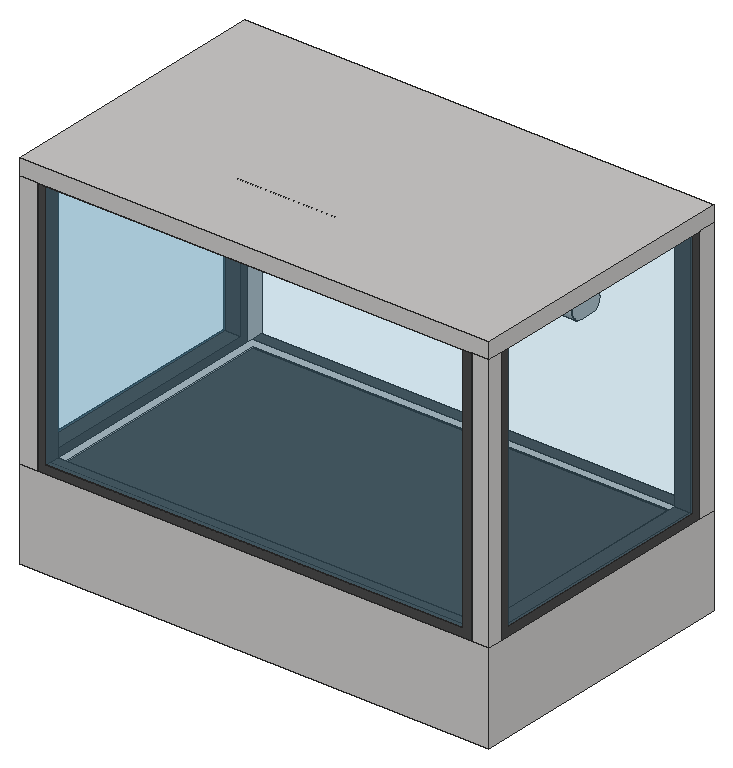
Revit family "QF_FESTIVE_DHD11", category Specialty Equipment, Revit 2020
Family settings
  Round Connector Dimension = Use Diameter
  Part Type = Normal
  Work Plane-Based = No
  Always vertical = Yes
  Cut with Voids When Loaded = No
  Shared = No
  Room Calculation Point = No
Parameters (values of type "DHD11")
  Weight in Pounds = 0
  Watts = if(Phase = 3, Volts * FL Amps * 1.73, Volts * FL Amps)  # 1980 W
  Volts = 220 V
  URL Cutsheet = ""
  Specification by User = ""
  Specification by Manufacturer = ""
  Serial Number = ""
  Seismic Rating = ""
  SMACNA No = ""
  Revision Code = ""
  Phase = 1
  Number of Poles = 1
  NAFEM Spec ID Number = ""
  Model = "DHD11"
  Min Ckt Ampacity = 0 A
  Max Overcurrent Protection = 0 A
  Masterspec = ""
  Manufacturer = "FESTIVE"
  Light Length [instance] = Length - 70 mm  # 1000 mm
  Length = 1070 mm
  Item Number = ""
  Installed By = ""
  Identify Quantity as Lot = yes
  Height = 830 mm
  HP = ""
  Furnished By = ""
  Foodservice Equipment Identifier = yes
  FL Amps = 9 A
  Electrical Remarks = ""
  Electric Connection Type = ""
  Elec Conn RI Height = 0 mm
  Elec Conn Connection Height = 0 mm
  Door Length [instance] = if(Length > 1069 mm, (Length / 2) - 80 mm, Length - 80 mm)  # 455 mm
  Description = "DEVON: HOT DECK"
  Depth = 640 mm
  Default Elevation = 0 mm
  Cycle = 50 Hz
  Conn Plug = ""
  Conn Conduit = yes
  Center Post Assembly [instance] = Length > 1069 mm  # yes
  CSI MasterFormat = ""
  Apparent Power = if(Phase = 3, Volts * FL Amps * 1.73, Volts * FL Amps)  # 1980 VA
Reference planes
  plane 1 "BACK": y = 0
  plane 2: z = 0
  plane 3 "LEFT": x = 0
  plane 4 "RIGHT": x = 1070
  plane 5 "FRONT": y = -640
  plane 6 "TOP": z = 830
  plane 7 "Center Y": x = 535
  plane 8 "Center X": y = -320
  plane 9: z = 205
Forms (mm)
  Extrusion 1, solid, material "QF_Metal - Stainless - Satin"
    sketch origin (0, 0, 0) x (0, 1, 0) y (0, 0, 1)
      loop
        line (0, 205) -> (-640, 205) -> (-640, 0) -> (0, 0) -> (0, 205)
    from 0 to 1070
  Extrusion 2, solid, material "QF_Metal - Stainless - Satin"
    sketch origin (0, 0, 0) x (0, 1, 0) y (0, 0, 1)
      loop
        line (0, 793) -> (0, 830) -> (-640, 830) -> (-640, 793) -> (0, 793)
    from 0 to 1070
  Extrusion 3, solid, material "QF_Metal - Stainless - Satin"
    sketch origin (0, 0, 0) x (0, 1, 0) y (0, 0, 1)
      loop
        line (0, 793) -> (-40.1, 793) -> (-40.1, 205) -> (0, 205) -> (0, 793)
    from 0 to 40.1
  Extrusion 4, solid, material "QF_Metal - Stainless - Satin"
    sketch origin (0, 0, 0) x (0, 1, 0) y (0, 0, 1)
      loop
        line (-608, 793) -> (-640, 793) -> (-640, 205) -> (-608, 205) -> (-608, 793)
    from 0 to 40.1
  Extrusion 5, solid, material "QF_Plastic - Black - Smooth"
    sketch origin (0, -640, 205) x (0, 0, -1) y (1, 0, 0)
      loop
        line (-588, 40.1) -> (0, 40.1) -> (0, 1029.9) -> (-588, 1029.9) -> (-588, 1009.9) -> (-20, 1009.9) -> (-20, 60.1) -> (-588, 60.1) -> (-588, 40.1)
    from 0 to -32
  Extrusion 6, solid, material "Glass"
    sketch origin (0, -640, 205) x (0, 0, -1) y (1, 0, 0)
      loop
        line (-588, 60.1) -> (-20, 60.1) -> (-20, 1009.9) -> (-588, 1009.9) -> (-588, 60.1)
    from 0 to -10
  Extrusion 7, solid, material "QF_Plastic - Black - Smooth"
    sketch origin (0, 0, 0) x (0, -1, 0) y (0, 0, 1)
      loop
        line (40.1, 793) -> (40.1, 205) -> (608, 205) -> (608, 793) -> (588, 793) -> (588, 225) -> (60.1, 225) -> (60.1, 793) -> (40.1, 793)
    from 0 to -40.1
  Extrusion 8, solid, material "QF_Plastic - Black - Smooth"
    sketch origin (1070, 0, 0) x (0, -1, 0) y (0, 0, 1)
      loop
        line (40.1, 793) -> (40.1, 205) -> (608, 205) -> (608, 793) -> (588, 793) -> (588, 225) -> (60.1, 225) -> (60.1, 793) -> (40.1, 793)
    from 0 to 39.9
  Extrusion 9, solid, material "Glass"
    sketch origin (1070, 0, 0) x (0, -1, 0) y (0, 0, 1)
      loop
        line (588, 793) -> (60.1, 793) -> (60.1, 225) -> (588, 225) -> (588, 793)
    from 0 to 5.1
  Extrusion 10, solid, material "Glass"
    sketch origin (0, 0, 0) x (0, 1, 0) y (0, 0, -1)
      loop
        line (-588, -793) -> (-60.1, -793) -> (-60.1, -225) -> (-588, -225) -> (-588, -793)
    from 0 to -5.1
  Extrusion 11, solid, material "QF_Metal - Stainless - Satin"
    sketch origin (0, -608, 205) x (1, 0, 0) y (0, -1, 0)
      loop
        line (40.1, -576) -> (1029.9, -576) -> (1029.9, 0) -> (40.1, 0) -> (40.1, -576)
      loop
        line (60.1, -556) -> (1009.9, -556) -> (1009.9, -20) -> (60.1, -20) -> (60.1, -556)
    from 0 to -2
  Extrusion 12, solid
    sketch origin (0, 0, 201.118) x (0, 0, 1) y (1, 0, 0)
      loop
        circle (-171.118, 56) r 10
    from 0 to 3.2
  Extrusion 13, solid, material "QF_Metal - Stainless - Satin"
    sketch origin (-162.5, 0, 201.118) x (0, 0, 1) y (1, 0, 0)
      loop
        line (-78.018, 922.5) -> (-196.118, 922.5) -> (-196.118, 472.5) -> (-78.018, 472.5) -> (-78.018, 922.5)
      loop
        line (-135.768, 586.65) -> (-135.768, 660.65)
        arc (-135.768, 660.65) -> (-154.018, 664.14) -> (-172.268, 660.65) r 49.458
        line (-172.268, 660.65) -> (-172.268, 586.65)
        arc (-172.268, 586.65) -> (-154.018, 583.131) -> (-135.768, 586.65) r 49.084
    from 0 to 1.5
  Extrusion 14, solid
    sketch origin (-183.75, 1.5, 201.118) x (0, 0, 1) y (1, 0, 0)
      loop
        line (-137.993, 589.375) -> (-169.993, 589.375) -> (-169.993, 575.375) -> (-137.993, 575.375) -> (-137.993, 589.375)
      loop
        line (-165.993, 586.375) -> (-165.993, 578.375) -> (-141.993, 578.375) -> (-141.993, 586.375) -> (-165.993, 586.375)
      loop
        line (-137.993, 558.95) -> (-169.993, 558.95) -> (-169.993, 544.95) -> (-137.993, 544.95) -> (-137.993, 558.95)
      loop
        line (-165.993, 555.95) -> (-165.993, 547.95) -> (-141.993, 547.95) -> (-141.993, 555.95) -> (-165.993, 555.95)
    from 0 to 1.5
  Extrusion 15, solid, material "QF_Plastic - Red - Smooth"
    sketch origin (394.625, 1.5, 59.125) x (0, 0, -1) y (0, 1, 0)
      loop
        line (0, 1.5) -> (24, 1.5) -> (24, 6.5)
        arc (24, 6.5) -> (12.085, 4.325) -> (0, 3.53) r 105.571
        line (0, 3.53) -> (0, 1.5)
    from 0 to 8
  Extrusion 16, solid, material "QF_Plastic - Black - Smooth"
    sketch origin (135.9, 1.5, 155.795) x (0, 0, 1) y (1, 0, 0)
      loop
        arc (-90.445, 362.25) -> (-108.695, 365.858) -> (-126.945, 362.25) r 47.955
        line (-126.945, 362.25) -> (-126.945, 288.25)
        arc (-126.945, 288.25) -> (-108.695, 284.642) -> (-90.445, 288.25) r 47.955
        line (-90.445, 288.25) -> (-90.445, 362.25)
    from 0 to 1.5
  Extrusion 17, solid, material "QF_Plastic - Red - Smooth"
    sketch origin (364.2, 1.5, 59.125) x (0, 0, -1) y (0, 1, 0)
      loop
        line (0, 1.5) -> (24, 1.5) -> (24, 6.5)
        arc (24, 6.5) -> (12.085, 4.325) -> (0, 3.53) r 105.571
        line (0, 3.53) -> (0, 1.5)
    from 0 to 8
  Extrusion 18, solid, material "QF_Metal - Stainless - Satin", not visible
    sketch origin (-325, 0, 201.118) x (0, 0, 1) y (1, 0, 0)
      loop
        line (-78.018, 922.5) -> (-196.118, 922.5) -> (-196.118, 472.5) -> (-78.018, 472.5) -> (-78.018, 922.5)
      loop
        line (-135.768, 586.65) -> (-135.768, 660.65)
        arc (-135.768, 660.65) -> (-154.018, 664.14) -> (-172.268, 660.65) r 49.458
        line (-172.268, 660.65) -> (-172.268, 586.65)
        arc (-172.268, 586.65) -> (-154.018, 583.131) -> (-135.768, 586.65) r 49.084
    from 0 to 1.5
  Extrusion 19, solid, not visible
    sketch origin (-346.25, 1.5, 201.118) x (0, 0, 1) y (1, 0, 0)
      loop
        line (-137.993, 589.375) -> (-169.993, 589.375) -> (-169.993, 575.375) -> (-137.993, 575.375) -> (-137.993, 589.375)
      loop
        line (-165.993, 586.375) -> (-165.993, 578.375) -> (-141.993, 578.375) -> (-141.993, 586.375) -> (-165.993, 586.375)
      loop
        line (-137.993, 558.95) -> (-169.993, 558.95) -> (-169.993, 544.95) -> (-137.993, 544.95) -> (-137.993, 558.95)
      loop
        line (-165.993, 555.95) -> (-165.993, 547.95) -> (-141.993, 547.95) -> (-141.993, 555.95) -> (-165.993, 555.95)
    from 0 to 1.5
  Extrusion 20, solid, material "QF_Plastic - Red - Smooth", not visible
    sketch origin (232.125, 1.5, 59.125) x (0, 0, -1) y (0, 1, 0)
      loop
        line (0, 1.5) -> (24, 1.5) -> (24, 6.5)
        arc (24, 6.5) -> (12.085, 4.325) -> (0, 3.53) r 105.571
        line (0, 3.53) -> (0, 1.5)
    from 0 to 8
  Extrusion 21, solid, material "QF_Plastic - Black - Smooth", not visible
    sketch origin (-26.6, 1.5, 155.795) x (0, 0, 1) y (1, 0, 0)
      loop
        arc (-90.445, 362.25) -> (-108.695, 365.858) -> (-126.945, 362.25) r 47.955
        line (-126.945, 362.25) -> (-126.945, 288.25)
        arc (-126.945, 288.25) -> (-108.695, 284.642) -> (-90.445, 288.25) r 47.955
        line (-90.445, 288.25) -> (-90.445, 362.25)
    from 0 to 1.5
  Extrusion 22, solid, material "QF_Plastic - Red - Smooth", not visible
    sketch origin (201.7, 1.5, 59.125) x (0, 0, -1) y (0, 1, 0)
      loop
        line (0, 1.5) -> (24, 1.5) -> (24, 6.5)
        arc (24, 6.5) -> (12.085, 4.325) -> (0, 3.53) r 105.571
        line (0, 3.53) -> (0, 1.5)
    from 0 to 8
  Extrusion 23, solid, material "QF_Metal - Stainless - Satin"
    sketch origin (1070, 0, 0) x (0, -1, 0) y (0, 0, 1)
      loop
        line (0, 793) -> (0, 205) -> (40.1, 205) -> (40.1, 793) -> (0, 793)
    from 0 to 39.9
  Extrusion 24, solid, material "QF_Metal - Stainless - Satin"
    sketch origin (1070, 0, 0) x (0, -1, 0) y (0, 0, 1)
      loop
        line (608, 793) -> (608, 205) -> (640, 205) -> (640, 793) -> (608, 793)
    from 0 to 39.9
Lines and regions (mm)
  Split face 1
    outline origin (135.9, 3, 155.795) x (0, 0, 1) y (1, 0, 0)
      loop
        arc (-93.945, 353.493) -> (-108.685, 356.848) -> (-123.425, 353.493) r 34.06
        line (-123.425, 353.493) -> (-123.425, 314) -> (-93.945, 314) -> (-93.945, 353.493)
  Split face 2, not visible
    outline origin (-26.6, 3, 155.795) x (0, 0, 1) y (1, 0, 0)
      loop
        arc (-93.945, 353.493) -> (-108.685, 356.848) -> (-123.425, 353.493) r 34.06
        line (-123.425, 353.493) -> (-123.425, 314) -> (-93.945, 314) -> (-93.945, 353.493)
  symbolic lines
    curve 1: line (0, 0, 0) -> (1070, 0, 0)
    curve 2: line (0, -640, 0) -> (0, 0, 0)
    curve 3: line (1070, -640, 0) -> (0, -640, 0)
    curve 4: line (1070, 0, 0) -> (1070, -640, 0)
Dimensions and locks
  equal spacing: plane 3 "LEFT", plane 7 "Center Y", plane 4 "RIGHT"
  "Length": plane 3 "LEFT" to plane 4 "RIGHT"
  equal spacing: plane 5 "FRONT", plane 8 "Center X", plane 1 "BACK"
  "Depth": plane 5 "FRONT" to plane 1 "BACK"
  "Height": plane 6 "TOP" to level
  plane 9 to plane 2 = 205 mm  (x2)
  plane 6 "TOP" to plane 9 = 625 mm  (x2)
  plane 1 "BACK" to plane 5 "FRONT" = 640 mm
  locked: Extrusion 13 to plane 7 "Center Y" at 225
  Extrusion 5 sketch curve to Extrusion 5 sketch curve to plane 4 "RIGHT" = 20 mm locked, 40.1 mm locked
  Extrusion 11 sketch curve to Extrusion 11 sketch curve to plane 4 "RIGHT" = 20 mm locked, 40.1 mm locked
  plane 3 "LEFT" to plane 4 "RIGHT" = 1070 mm
  locked: nested 1 to plane 3 "LEFT" at 35
  aligned and locked: level to plane 2
  aligned and locked: Extrusion 2 to plane 4 "RIGHT"
  aligned and locked: Extrusion 1 to plane 4 "RIGHT"
Automatic sketch dimensions
  Extrusion 13 sketch curve to Extrusion 13 sketch curve = 18.25 mm  (x2)
  Extrusion 13 sketch curve to Extrusion 13 sketch curve = 0 mm
  Extrusion 13 sketch curve to Extrusion 13 sketch curve = 28.032 mm
  Extrusion 13 sketch curve to Extrusion 13 sketch curve = 17.533 mm
  Extrusion 13 sketch curve to Extrusion 13 sketch curve = 28.435 mm
  Extrusion 13 to Extrusion 14 sketch curve = 2.275 mm  (x2)
  Extrusion 14 sketch curve to Extrusion 14 sketch curve = 4 mm  (x2)
  Extrusion 13 to Extrusion 14 sketch curve = 6.225 mm  (x2)
  Extrusion 13 to Extrusion 14 sketch curve = 2.225 mm  (x2)
  Extrusion 14 sketch curve to Extrusion 13 = 51.2 mm
  Extrusion 14 sketch curve to Extrusion 14 sketch curve = 3 mm  (x4)
  Extrusion 14 sketch curve to Extrusion 14 sketch curve = 8 mm  (x2)
  Extrusion 14 sketch curve to Extrusion 14 sketch curve = 16.425 mm
  Extrusion 14 to Extrusion 15 sketch curve = 0 mm  (x2)
  Extrusion 15 sketch curve to Extrusion 14 = 0 mm
  Extrusion 15 sketch curve to Extrusion 14 = 0.881 mm
  Extrusion 15 sketch curve to Extrusion 14 = 2.03 mm
  Extrusion 15 sketch curve to Extrusion 14 = 5 mm
  Extrusion 16 sketch curve to Extrusion 16 sketch curve = 18.25 mm  (x2)
  Extrusion 16 sketch curve to Extrusion 16 sketch curve = 0 mm
  Extrusion 16 sketch curve to Extrusion 16 sketch curve = 29.654 mm  (x2)
  Extrusion 16 sketch curve to Extrusion 16 sketch curve = 14.693 mm
  Split face 1 sketch curve to Extrusion 16 = 3.52 mm
  Split face 1 sketch curve to Split face 1 sketch curve = 14.74 mm
  Split face 1 sketch curve to Extrusion 16 = 3.5 mm
  Split face 1 sketch curve to Split face 1 sketch curve = 8.787 mm
  Split face 1 sketch curve to Split face 1 sketch curve = 30.706 mm
  Extrusion 17 sketch curve to Extrusion 17 sketch curve = 24 mm
  Extrusion 17 sketch curve to Extrusion 17 sketch curve = 2.03 mm
  Extrusion 17 sketch curve to Extrusion 17 sketch curve = 5 mm
  Extrusion 13 sketch curve to Extrusion 13 sketch curve = 23.85 mm
  Extrusion 13 sketch curve to Extrusion 13 sketch curve = 118.1 mm
  Extrusion 13 sketch curve to Extrusion 13 sketch curve = 114.15 mm
  Extrusion 13 sketch curve to Extrusion 13 sketch curve = 261.85 mm
  Extrusion 17 sketch curve to Extrusion 17 sketch curve = 0.881 mm
  Extrusion 18 sketch curve to Extrusion 18 sketch curve = 18.25 mm  (x2)
  Extrusion 18 sketch curve to Extrusion 18 sketch curve = 0 mm
  Extrusion 18 sketch curve to Extrusion 18 sketch curve = 28.032 mm
  Extrusion 18 sketch curve to Extrusion 18 sketch curve = 17.533 mm
  Extrusion 18 sketch curve to Extrusion 18 sketch curve = 28.435 mm
  Extrusion 18 to Extrusion 19 sketch curve = 2.275 mm  (x2)
  Extrusion 19 sketch curve to Extrusion 19 sketch curve = 4 mm  (x2)
  Extrusion 18 to Extrusion 19 sketch curve = 6.225 mm  (x2)
  Extrusion 18 to Extrusion 19 sketch curve = 2.225 mm  (x2)
  Extrusion 19 sketch curve to Extrusion 18 = 51.2 mm
  Extrusion 19 sketch curve to Extrusion 19 sketch curve = 3 mm  (x4)
  Extrusion 19 sketch curve to Extrusion 19 sketch curve = 8 mm  (x2)
  Extrusion 19 sketch curve to Extrusion 19 sketch curve = 16.425 mm
  Extrusion 19 to Extrusion 20 sketch curve = 0 mm  (x2)
  Extrusion 20 sketch curve to Extrusion 19 = 0 mm
  Extrusion 20 sketch curve to Extrusion 19 = 0.881 mm
  Extrusion 20 sketch curve to Extrusion 19 = 2.03 mm
  Extrusion 20 sketch curve to Extrusion 19 = 5 mm
  Extrusion 21 sketch curve to Extrusion 21 sketch curve = 18.25 mm  (x2)
  Extrusion 21 sketch curve to Extrusion 21 sketch curve = 0 mm
  Extrusion 21 sketch curve to Extrusion 21 sketch curve = 29.654 mm  (x2)
  Extrusion 21 sketch curve to Extrusion 21 sketch curve = 14.693 mm
  Split face 2 sketch curve to Extrusion 21 = 3.52 mm
  Split face 2 sketch curve to Split face 2 sketch curve = 14.74 mm
  Split face 2 sketch curve to Extrusion 21 = 3.5 mm
  Split face 2 sketch curve to Split face 2 sketch curve = 8.787 mm
  Split face 2 sketch curve to Split face 2 sketch curve = 30.706 mm
  Extrusion 22 sketch curve to Extrusion 22 sketch curve = 24 mm
  Extrusion 22 sketch curve to Extrusion 22 sketch curve = 2.03 mm
  Extrusion 22 sketch curve to Extrusion 22 sketch curve = 5 mm
  Extrusion 18 sketch curve to Extrusion 18 sketch curve = 23.85 mm
  Extrusion 18 sketch curve to Extrusion 18 sketch curve = 118.1 mm
  Extrusion 18 sketch curve to Extrusion 18 sketch curve = 114.15 mm
  Extrusion 18 sketch curve to Extrusion 18 sketch curve = 261.85 mm
  Extrusion 22 sketch curve to Extrusion 22 sketch curve = 0.881 mm
  curve 3 to plane 3 "LEFT" = 0 mm
  curve 3 to plane 4 "RIGHT" = 0 mm
  plane 5 "FRONT" to curve 3 = 0 mm
  plane 1 "BACK" to curve 2 = 0 mm
  Extrusion 1 sketch curve to plane 5 "FRONT" = 0 mm
  Extrusion 1 sketch curve to level = 0 mm
  Extrusion 1 sketch curve to plane 1 "BACK" = 0 mm
  Extrusion 1 sketch curve to plane 9 = 0 mm
  Extrusion 2 sketch curve to plane 5 "FRONT" = 0 mm
  Extrusion 2 sketch curve to plane 1 "BACK" = 0 mm
  Extrusion 2 sketch curve to plane 6 "TOP" = 0 mm
  Extrusion 2 sketch curve to plane 6 "TOP" = 37 mm
  Extrusion 3 sketch curve to plane 9 = 0 mm
  Extrusion 3 sketch curve to plane 1 "BACK" = 0 mm
  Extrusion 3 sketch curve to Extrusion 3 sketch curve = 40.1 mm
  Extrusion 3 sketch curve to plane 6 "TOP" = 37 mm
  Extrusion 4 sketch curve to plane 5 "FRONT" = 0 mm
  Extrusion 4 sketch curve to plane 9 = 0 mm
  Extrusion 4 sketch curve to plane 5 "FRONT" = 32 mm
  Extrusion 4 sketch curve to plane 6 "TOP" = 37 mm
  Extrusion 5 sketch curve to Extrusion 1 = 0 mm
  Extrusion 1 to Extrusion 5 sketch curve = 20 mm
  Extrusion 1 to Extrusion 5 sketch curve = 40.1 mm
  Extrusion 5 sketch curve to Extrusion 5 sketch curve = 568 mm  (x2)
  Extrusion 5 sketch curve to Extrusion 5 sketch curve = 20 mm
  Extrusion 1 to Extrusion 6 sketch curve = 60.1 mm  (x2)
  Extrusion 1 to Extrusion 6 sketch curve = 588 mm
  Extrusion 1 to Extrusion 6 sketch curve = 20 mm
  Extrusion 3 to Extrusion 7 sketch curve = 0 mm  (x3)
  Extrusion 7 sketch curve to Extrusion 3 = 0 mm
  Extrusion 3 to Extrusion 7 sketch curve = 20 mm
  Extrusion 7 sketch curve to Extrusion 3 = 20 mm
  Extrusion 7 sketch curve to Extrusion 7 sketch curve = 527.9 mm
  Extrusion 7 sketch curve to Extrusion 7 sketch curve = 20 mm
  Extrusion 8 sketch curve to plane 9 = 0 mm
  plane 1 "BACK" to Extrusion 8 sketch curve = 40.1 mm
  Extrusion 8 sketch curve to Extrusion 8 sketch curve = 20 mm  (x2)
  plane 9 to Extrusion 8 sketch curve = 20 mm
  Extrusion 8 sketch curve to plane 5 "FRONT" = 52 mm
  Extrusion 8 sketch curve to plane 6 "TOP" = 37 mm  (x2)
  plane 1 "BACK" to Extrusion 9 sketch curve = 60.1 mm
  plane 9 to Extrusion 9 sketch curve = 20 mm
  Extrusion 9 sketch curve to plane 5 "FRONT" = 52 mm
  Extrusion 9 sketch curve to plane 6 "TOP" = 37 mm
  plane 9 to Extrusion 10 sketch curve = 20 mm
  Extrusion 10 sketch curve to plane 5 "FRONT" = 52 mm
  plane 1 "BACK" to Extrusion 10 sketch curve = 60.1 mm
  Extrusion 10 sketch curve to plane 6 "TOP" = 37 mm
  Extrusion 11 sketch curve to Extrusion 7 = 0 mm  (x2)
  Extrusion 7 to Extrusion 11 sketch curve = 20 mm  (x2)
  Extrusion 11 sketch curve to Extrusion 7 = 11.9 mm
  Extrusion 7 to Extrusion 11 sketch curve = 8.1 mm
  level to Extrusion 12 sketch curve = 30 mm
  plane 3 "LEFT" to Extrusion 12 sketch curve = 56 mm
  Extrusion 23 sketch curve to plane 1 "BACK" = 0 mm
  Extrusion 23 sketch curve to plane 9 = 0 mm
  Extrusion 23 sketch curve to Extrusion 23 sketch curve = 40.1 mm
  Extrusion 23 sketch curve to plane 6 "TOP" = 37 mm
  Extrusion 24 sketch curve to plane 9 = 0 mm
  Extrusion 24 sketch curve to plane 5 "FRONT" = 0 mm
  Extrusion 24 sketch curve to plane 5 "FRONT" = 32 mm
  Extrusion 24 sketch curve to plane 6 "TOP" = 37 mm
  radius of Extrusion 12 sketch curve = 10 mm
Nested families
  nested 1: "LIGHTS" at (35, -282.344, 0), type "LIGHTS"
    with Length 1000 mm
Connectors
  electrical at (56, 3.2, 30), driven by "Volts", driven by "Watts"
    settings: on Extrusion 12, index 1, voltage 220 V, apparent load 1980 VA, apparent load phase1 0 VA, apparent load phase2 0 VA, apparent load phase3 0 VA, power factor 1, load classification "Other", number of poles 1, system type 30, power factor state 1, is connector primary yes, connector utility no, sub classification motor no, connector description "ELECTRICAL CONNECTION"
Definition of nested family "LIGHTS"
  Parameters (values of type "LIGHTS")
    Weight in Pounds = 0
    Watts = if(Phase = 3, Volts * FL Amps * 1.73, Volts * FL Amps)  # 1078 W
    Volts = 220 V
    URL Cutsheet = ""
    Specification by User = ""
    Specification by Manufacturer = ""
    Serial Number = ""
    Seismic Rating = ""
    SMACNA No = ""
    Revision Code = ""
    Phase = 1
    Number of Poles = 1
    NAFEM Spec ID Number = ""
    Model = "DHD7"
    Min Ckt Ampacity = 0 A
    Max Overcurrent Protection = 0 A
    Masterspec = ""
    Manufacturer = "FESTIVE"
    Length = 675 mm
    Item Number = ""
    Installed By = ""
    Identify Quantity as Lot = yes
    Height = 830 mm
    HP = ""
    Furnished By = ""
    Foodservice Equipment Identifier = yes
    FL Amps = 4.9 A  # constant formula
    Electrical Remarks = ""
    Electric Connection Type = ""
    Elec Conn RI Height = 0 mm
    Elec Conn Connection Height = 0 mm
    Description = "DEVON: HOT DECK"
    Depth = 75.193 mm
    Default Elevation = 0 mm
    Cycle = 50 Hz
    Conn Plug = ""
    Conn Conduit = yes
    CSI MasterFormat = ""
    Apparent Power = if(Phase = 3, Volts * FL Amps * 1.73, Volts * FL Amps)  # 1078 VA
  Reference planes
    plane 1 "BACK": y = 0
    plane 2: z = 0
    plane 3 "LEFT": x = 0
    plane 4 "RIGHT": x = 675
    plane 5 "FRONT": y = -75.193
    plane 6 "TOP": z = 830
    plane 7 "Center Y": x = 337.5
    plane 8 "Center X": y = -37.596
    plane 9: z = 205
    plane 10: x = 464.5
    plane 11: x = 210.5
  Forms (mm)
    Extrusion 1, solid
      sketch origin (-60.1, 282.404, 0) x (0, 1, 0) y (0, 0, 1)
        loop
          arc (-295, 792.076) -> (-295.856, 794.144) -> (-297.924, 795) r 2.924
          line (-297.924, 795) -> (-342.076, 795)
          arc (-342.076, 795) -> (-344.144, 794.144) -> (-345, 792.076) r 2.924
          line (-345, 792.076) -> (-345, 776.085)
          arc (-345, 776.085) -> (-357.596, 753.232) -> (-345, 730.378) r 27.029
          arc (-345, 730.378) -> (-320, 727.581) -> (-295, 730.378) r 113.108
          arc (-295, 730.378) -> (-282.404, 753.232) -> (-295, 776.085) r 27.029
          line (-295, 776.085) -> (-295, 792.076)
        loop
          arc (-298.5, 786) -> (-298.793, 786.707) -> (-299.5, 787) r 1
          line (-299.5, 787) -> (-301.5, 787)
          arc (-301.5, 787) -> (-302.207, 786.707) -> (-302.5, 786) r 1
          line (-302.5, 786) -> (-302.5, 774)
          arc (-302.5, 774) -> (-302.207, 773.293) -> (-301.5, 773) r 1
          line (-301.5, 773) -> (-299.5, 773)
          arc (-299.5, 773) -> (-298.793, 773.293) -> (-298.5, 774) r 1
          line (-298.5, 774) -> (-298.5, 786)
        loop
          arc (-305, 786) -> (-305.293, 786.707) -> (-306, 787) r 1
          line (-306, 787) -> (-308, 787)
          arc (-308, 787) -> (-308.707, 786.707) -> (-309, 786) r 1
          line (-309, 786) -> (-309, 774)
          arc (-309, 774) -> (-308.707, 773.293) -> (-308, 773) r 1
          line (-308, 773) -> (-306, 773)
          arc (-306, 773) -> (-305.293, 773.293) -> (-305, 774) r 1
          line (-305, 774) -> (-305, 786)
        loop
          arc (-311.5, 786) -> (-311.793, 786.707) -> (-312.5, 787) r 1
          line (-312.5, 787) -> (-314.5, 787)
          arc (-314.5, 787) -> (-315.207, 786.707) -> (-315.5, 786) r 1
          line (-315.5, 786) -> (-315.5, 774)
          arc (-315.5, 774) -> (-315.207, 773.293) -> (-314.5, 773) r 1
          line (-314.5, 773) -> (-312.5, 773)
          arc (-312.5, 773) -> (-311.793, 773.293) -> (-311.5, 774) r 1
          line (-311.5, 774) -> (-311.5, 786)
        loop
          arc (-318, 786) -> (-318.293, 786.707) -> (-319, 787) r 1
          line (-319, 787) -> (-321, 787)
          arc (-321, 787) -> (-321.707, 786.707) -> (-322, 786) r 1
          line (-322, 786) -> (-322, 774)
          arc (-322, 774) -> (-321.707, 773.293) -> (-321, 773) r 1
          line (-321, 773) -> (-319, 773)
          arc (-319, 773) -> (-318.293, 773.293) -> (-318, 774) r 1
          line (-318, 774) -> (-318, 786)
        loop
          arc (-324.5, 786) -> (-324.793, 786.707) -> (-325.5, 787) r 1
          line (-325.5, 787) -> (-327.5, 787)
          arc (-327.5, 787) -> (-328.207, 786.707) -> (-328.5, 786) r 1
          line (-328.5, 786) -> (-328.5, 774)
          arc (-328.5, 774) -> (-328.207, 773.293) -> (-327.5, 773) r 1
          line (-327.5, 773) -> (-325.5, 773)
          arc (-325.5, 773) -> (-324.793, 773.293) -> (-324.5, 774) r 1
          line (-324.5, 774) -> (-324.5, 786)
        loop
          arc (-331, 786) -> (-331.293, 786.707) -> (-332, 787) r 1
          line (-332, 787) -> (-334, 787)
          arc (-334, 787) -> (-334.707, 786.707) -> (-335, 786) r 1
          line (-335, 786) -> (-335, 774)
          arc (-335, 774) -> (-334.707, 773.293) -> (-334, 773) r 1
          line (-334, 773) -> (-332, 773)
          arc (-332, 773) -> (-331.293, 773.293) -> (-331, 774) r 1
          line (-331, 774) -> (-331, 786)
        loop
          arc (-337.5, 786) -> (-337.793, 786.707) -> (-338.5, 787) r 1
          line (-338.5, 787) -> (-340.5, 787)
          arc (-340.5, 787) -> (-341.207, 786.707) -> (-341.5, 786) r 1
          line (-341.5, 786) -> (-341.5, 774)
          arc (-341.5, 774) -> (-341.207, 773.293) -> (-340.5, 773) r 1
          line (-340.5, 773) -> (-338.5, 773)
          arc (-338.5, 773) -> (-337.793, 773.293) -> (-337.5, 774) r 1
          line (-337.5, 774) -> (-337.5, 786)
      from 60.1 to 62
    Extrusion 2, solid
      sketch origin (1.9, 282.404, 0) x (0, 1, 0) y (0, 0, 1)
        loop
          arc (-295, 792.076) -> (-295.856, 794.144) -> (-297.924, 795) r 2.924
          line (-297.924, 795) -> (-342.076, 795)
          arc (-342.076, 795) -> (-344.144, 794.144) -> (-345, 792.076) r 2.924
          line (-345, 792.076) -> (-345, 776.085)
          arc (-345, 776.085) -> (-357.596, 753.232) -> (-345, 730.378) r 27.029
          line (-345, 730.378) -> (-344.466, 731.224)
          arc (-344.466, 731.224) -> (-356.596, 753.232) -> (-344.466, 775.239) r 26.029
          line (-344.466, 775.239) -> (-295.534, 775.239)
          arc (-295.534, 775.239) -> (-283.404, 753.232) -> (-295.534, 731.224) r 26.029
          line (-295.534, 731.224) -> (-295, 730.378)
          arc (-295, 730.378) -> (-282.404, 753.232) -> (-295, 776.085) r 27.029
          line (-295, 776.085) -> (-295, 792.076)
      from 0 to 671.1
    Extrusion 3, solid
      sketch origin (1.9, 282.404, 0) x (0, 1, 0) y (0, 0, 1)
        loop
          line (-295.534, 775.239) -> (-344.466, 775.239)
          arc (-344.466, 775.239) -> (-356.596, 753.232) -> (-344.466, 731.224) r 26.029
          line (-344.466, 731.224) -> (-295.534, 731.224)
          arc (-295.534, 731.224) -> (-283.404, 753.232) -> (-295.534, 775.239) r 26.029
      from 0 to 208.6
    Extrusion 4, solid
      sketch origin (286.9, 282.404, 0) x (0, 1, 0) y (0, 0, 1)
        loop
          line (-295.534, 775.239) -> (-344.466, 775.239)
          arc (-344.466, 775.239) -> (-356.596, 753.232) -> (-344.466, 731.224) r 26.029
          line (-344.466, 731.224) -> (-295.534, 731.224)
          arc (-295.534, 731.224) -> (-283.404, 753.232) -> (-295.534, 775.239) r 26.029
      from 177.6 to 386.1
    Extrusion 5, solid
      sketch origin (431.4, 282.404, 0) x (0, 1, 0) y (0, 0, 1)
        loop
          circle (-320.06, 740.619) r 8.038
      from -220.9 to 33.1
    Extrusion 6, solid, not visible
      sketch origin (-325, 0, 201.118) x (0, 0, 1) y (1, 0, 0)
        loop
          line (-78.018, 922.5) -> (-196.118, 922.5) -> (-196.118, 472.5) -> (-78.018, 472.5) -> (-78.018, 922.5)
        loop
          line (-135.768, 586.65) -> (-135.768, 660.65)
          arc (-135.768, 660.65) -> (-154.018, 664.14) -> (-172.268, 660.65) r 49.458
          line (-172.268, 660.65) -> (-172.268, 586.65)
          arc (-172.268, 586.65) -> (-154.018, 583.131) -> (-135.768, 586.65) r 49.084
      from 0 to 1.5
    Extrusion 7, solid, not visible
      sketch origin (-346.25, 1.5, 201.118) x (0, 0, 1) y (1, 0, 0)
        loop
          line (-137.993, 589.375) -> (-169.993, 589.375) -> (-169.993, 575.375) -> (-137.993, 575.375) -> (-137.993, 589.375)
        loop
          line (-165.993, 586.375) -> (-165.993, 578.375) -> (-141.993, 578.375) -> (-141.993, 586.375) -> (-165.993, 586.375)
        loop
          line (-137.993, 558.95) -> (-169.993, 558.95) -> (-169.993, 544.95) -> (-137.993, 544.95) -> (-137.993, 558.95)
        loop
          line (-165.993, 555.95) -> (-165.993, 547.95) -> (-141.993, 547.95) -> (-141.993, 555.95) -> (-165.993, 555.95)
      from 0 to 1.5
    Extrusion 8, solid, not visible
      sketch origin (232.125, 1.5, 59.125) x (0, 0, -1) y (0, 1, 0)
        loop
          line (0, 1.5) -> (24, 1.5) -> (24, 6.5)
          arc (24, 6.5) -> (12.085, 4.325) -> (0, 3.53) r 105.571
          line (0, 3.53) -> (0, 1.5)
      from 0 to 8
    Extrusion 9, solid, not visible
      sketch origin (-26.6, 1.5, 155.795) x (0, 0, 1) y (1, 0, 0)
        loop
          arc (-90.445, 362.25) -> (-108.695, 365.858) -> (-126.945, 362.25) r 47.955
          line (-126.945, 362.25) -> (-126.945, 288.25)
          arc (-126.945, 288.25) -> (-108.695, 284.642) -> (-90.445, 288.25) r 47.955
          line (-90.445, 288.25) -> (-90.445, 362.25)
      from 0 to 1.5
    Extrusion 10, solid, not visible
      sketch origin (201.7, 1.5, 59.125) x (0, 0, -1) y (0, 1, 0)
        loop
          line (0, 1.5) -> (24, 1.5) -> (24, 6.5)
          arc (24, 6.5) -> (12.085, 4.325) -> (0, 3.53) r 105.571
          line (0, 3.53) -> (0, 1.5)
      from 0 to 8
    Extrusion 11, solid, not visible
      sketch origin (1070, 0, 0) x (0, 1, 0) y (0, 0, -1)
        loop
          line (-295, -792.076) -> (-295, -776.085)
          arc (-295, -776.085) -> (-282.404, -753.232) -> (-295, -730.378) r 27.029
          arc (-295, -730.378) -> (-320, -727.581) -> (-345, -730.378) r 113.108
          arc (-345, -730.378) -> (-357.596, -753.232) -> (-345, -776.085) r 27.029
          line (-345, -776.085) -> (-345, -792.076)
          arc (-345, -792.076) -> (-344.144, -794.144) -> (-342.076, -795) r 2.924
          line (-342.076, -795) -> (-297.924, -795)
          arc (-297.924, -795) -> (-295.856, -794.144) -> (-295, -792.076) r 2.924
        loop
          line (-298.5, -786) -> (-298.5, -774)
          arc (-298.5, -774) -> (-298.793, -773.293) -> (-299.5, -773) r 1
          line (-299.5, -773) -> (-301.5, -773)
          arc (-301.5, -773) -> (-302.207, -773.293) -> (-302.5, -774) r 1
          line (-302.5, -774) -> (-302.5, -786)
          arc (-302.5, -786) -> (-302.207, -786.707) -> (-301.5, -787) r 1
          line (-301.5, -787) -> (-299.5, -787)
          arc (-299.5, -787) -> (-298.793, -786.707) -> (-298.5, -786) r 1
        loop
          line (-305, -786) -> (-305, -774)
          arc (-305, -774) -> (-305.293, -773.293) -> (-306, -773) r 1
          line (-306, -773) -> (-308, -773)
          arc (-308, -773) -> (-308.707, -773.293) -> (-309, -774) r 1
          line (-309, -774) -> (-309, -786)
          arc (-309, -786) -> (-308.707, -786.707) -> (-308, -787) r 1
          line (-308, -787) -> (-306, -787)
          arc (-306, -787) -> (-305.293, -786.707) -> (-305, -786) r 1
        loop
          line (-311.5, -786) -> (-311.5, -774)
          arc (-311.5, -774) -> (-311.793, -773.293) -> (-312.5, -773) r 1
          line (-312.5, -773) -> (-314.5, -773)
          arc (-314.5, -773) -> (-315.207, -773.293) -> (-315.5, -774) r 1
          line (-315.5, -774) -> (-315.5, -786)
          arc (-315.5, -786) -> (-315.207, -786.707) -> (-314.5, -787) r 1
          line (-314.5, -787) -> (-312.5, -787)
          arc (-312.5, -787) -> (-311.793, -786.707) -> (-311.5, -786) r 1
        loop
          line (-318, -786) -> (-318, -774)
          arc (-318, -774) -> (-318.293, -773.293) -> (-319, -773) r 1
          line (-319, -773) -> (-321, -773)
          arc (-321, -773) -> (-321.707, -773.293) -> (-322, -774) r 1
          line (-322, -774) -> (-322, -786)
          arc (-322, -786) -> (-321.707, -786.707) -> (-321, -787) r 1
          line (-321, -787) -> (-319, -787)
          arc (-319, -787) -> (-318.293, -786.707) -> (-318, -786) r 1
        loop
          line (-324.5, -786) -> (-324.5, -774)
          arc (-324.5, -774) -> (-324.793, -773.293) -> (-325.5, -773) r 1
          line (-325.5, -773) -> (-327.5, -773)
          arc (-327.5, -773) -> (-328.207, -773.293) -> (-328.5, -774) r 1
          line (-328.5, -774) -> (-328.5, -786)
          arc (-328.5, -786) -> (-328.207, -786.707) -> (-327.5, -787) r 1
          line (-327.5, -787) -> (-325.5, -787)
          arc (-325.5, -787) -> (-324.793, -786.707) -> (-324.5, -786) r 1
        loop
          line (-331, -786) -> (-331, -774)
          arc (-331, -774) -> (-331.293, -773.293) -> (-332, -773) r 1
          line (-332, -773) -> (-334, -773)
          arc (-334, -773) -> (-334.707, -773.293) -> (-335, -774) r 1
          line (-335, -774) -> (-335, -786)
          arc (-335, -786) -> (-334.707, -786.707) -> (-334, -787) r 1
          line (-334, -787) -> (-332, -787)
          arc (-332, -787) -> (-331.293, -786.707) -> (-331, -786) r 1
        loop
          line (-337.5, -786) -> (-337.5, -774)
          arc (-337.5, -774) -> (-337.793, -773.293) -> (-338.5, -773) r 1
          line (-338.5, -773) -> (-340.5, -773)
          arc (-340.5, -773) -> (-341.207, -773.293) -> (-341.5, -774) r 1
          line (-341.5, -774) -> (-341.5, -786)
          arc (-341.5, -786) -> (-341.207, -786.707) -> (-340.5, -787) r 1
          line (-340.5, -787) -> (-338.5, -787)
          arc (-338.5, -787) -> (-337.793, -786.707) -> (-337.5, -786) r 1
      from 360 to 362
    Extrusion 12, solid, not visible
      sketch origin (-25.1, 0, 0) x (0, 1, 0) y (0, 0, 1)
        loop
          arc (-295, 792.076) -> (-295.856, 794.144) -> (-297.924, 795) r 2.924
          line (-297.924, 795) -> (-342.076, 795)
          arc (-342.076, 795) -> (-344.144, 794.144) -> (-345, 792.076) r 2.924
          line (-345, 792.076) -> (-345, 776.085)
          arc (-345, 776.085) -> (-357.596, 753.232) -> (-345, 730.378) r 27.029
          arc (-345, 730.378) -> (-320, 727.581) -> (-295, 730.378) r 113.108
          arc (-295, 730.378) -> (-282.404, 753.232) -> (-295, 776.085) r 27.029
          line (-295, 776.085) -> (-295, 792.076)
        loop
          arc (-298.5, 786) -> (-298.793, 786.707) -> (-299.5, 787) r 1
          line (-299.5, 787) -> (-301.5, 787)
          arc (-301.5, 787) -> (-302.207, 786.707) -> (-302.5, 786) r 1
          line (-302.5, 786) -> (-302.5, 774)
          arc (-302.5, 774) -> (-302.207, 773.293) -> (-301.5, 773) r 1
          line (-301.5, 773) -> (-299.5, 773)
          arc (-299.5, 773) -> (-298.793, 773.293) -> (-298.5, 774) r 1
          line (-298.5, 774) -> (-298.5, 786)
        loop
          arc (-305, 786) -> (-305.293, 786.707) -> (-306, 787) r 1
          line (-306, 787) -> (-308, 787)
          arc (-308, 787) -> (-308.707, 786.707) -> (-309, 786) r 1
          line (-309, 786) -> (-309, 774)
          arc (-309, 774) -> (-308.707, 773.293) -> (-308, 773) r 1
          line (-308, 773) -> (-306, 773)
          arc (-306, 773) -> (-305.293, 773.293) -> (-305, 774) r 1
          line (-305, 774) -> (-305, 786)
        loop
          arc (-311.5, 786) -> (-311.793, 786.707) -> (-312.5, 787) r 1
          line (-312.5, 787) -> (-314.5, 787)
          arc (-314.5, 787) -> (-315.207, 786.707) -> (-315.5, 786) r 1
          line (-315.5, 786) -> (-315.5, 774)
          arc (-315.5, 774) -> (-315.207, 773.293) -> (-314.5, 773) r 1
          line (-314.5, 773) -> (-312.5, 773)
          arc (-312.5, 773) -> (-311.793, 773.293) -> (-311.5, 774) r 1
          line (-311.5, 774) -> (-311.5, 786)
        loop
          arc (-318, 786) -> (-318.293, 786.707) -> (-319, 787) r 1
          line (-319, 787) -> (-321, 787)
          arc (-321, 787) -> (-321.707, 786.707) -> (-322, 786) r 1
          line (-322, 786) -> (-322, 774)
          arc (-322, 774) -> (-321.707, 773.293) -> (-321, 773) r 1
          line (-321, 773) -> (-319, 773)
          arc (-319, 773) -> (-318.293, 773.293) -> (-318, 774) r 1
          line (-318, 774) -> (-318, 786)
        loop
          arc (-324.5, 786) -> (-324.793, 786.707) -> (-325.5, 787) r 1
          line (-325.5, 787) -> (-327.5, 787)
          arc (-327.5, 787) -> (-328.207, 786.707) -> (-328.5, 786) r 1
          line (-328.5, 786) -> (-328.5, 774)
          arc (-328.5, 774) -> (-328.207, 773.293) -> (-327.5, 773) r 1
          line (-327.5, 773) -> (-325.5, 773)
          arc (-325.5, 773) -> (-324.793, 773.293) -> (-324.5, 774) r 1
          line (-324.5, 774) -> (-324.5, 786)
        loop
          arc (-331, 786) -> (-331.293, 786.707) -> (-332, 787) r 1
          line (-332, 787) -> (-334, 787)
          arc (-334, 787) -> (-334.707, 786.707) -> (-335, 786) r 1
          line (-335, 786) -> (-335, 774)
          arc (-335, 774) -> (-334.707, 773.293) -> (-334, 773) r 1
          line (-334, 773) -> (-332, 773)
          arc (-332, 773) -> (-331.293, 773.293) -> (-331, 774) r 1
          line (-331, 774) -> (-331, 786)
        loop
          arc (-337.5, 786) -> (-337.793, 786.707) -> (-338.5, 787) r 1
          line (-338.5, 787) -> (-340.5, 787)
          arc (-340.5, 787) -> (-341.207, 786.707) -> (-341.5, 786) r 1
          line (-341.5, 786) -> (-341.5, 774)
          arc (-341.5, 774) -> (-341.207, 773.293) -> (-340.5, 773) r 1
          line (-340.5, 773) -> (-338.5, 773)
          arc (-338.5, 773) -> (-337.793, 773.293) -> (-337.5, 774) r 1
          line (-337.5, 774) -> (-337.5, 786)
      from 60.1 to 62
    Extrusion 13, solid, not visible
      sketch origin (36.9, 0, 0) x (0, 1, 0) y (0, 0, 1)
        loop
          arc (-295, 792.076) -> (-295.856, 794.144) -> (-297.924, 795) r 2.924
          line (-297.924, 795) -> (-342.076, 795)
          arc (-342.076, 795) -> (-344.144, 794.144) -> (-345, 792.076) r 2.924
          line (-345, 792.076) -> (-345, 776.085)
          arc (-345, 776.085) -> (-357.596, 753.232) -> (-345, 730.378) r 27.029
          line (-345, 730.378) -> (-344.466, 731.224)
          arc (-344.466, 731.224) -> (-356.596, 753.232) -> (-344.466, 775.239) r 26.029
          line (-344.466, 775.239) -> (-295.534, 775.239)
          arc (-295.534, 775.239) -> (-283.404, 753.232) -> (-295.534, 731.224) r 26.029
          line (-295.534, 731.224) -> (-295, 730.378)
          arc (-295, 730.378) -> (-282.404, 753.232) -> (-295, 776.085) r 27.029
          line (-295, 776.085) -> (-295, 792.076)
      from 0 to 671.1
    Extrusion 14, solid, not visible
      sketch origin (1070, 0, 0) x (0, 1, 0) y (0, 0, -1)
        loop
          line (-295, -792.076) -> (-295, -776.085)
          arc (-295, -776.085) -> (-282.404, -753.232) -> (-295, -730.378) r 27.029
          arc (-295, -730.378) -> (-320, -727.581) -> (-345, -730.378) r 113.108
          arc (-345, -730.378) -> (-357.596, -753.232) -> (-345, -776.085) r 27.029
          line (-345, -776.085) -> (-345, -792.076)
          arc (-345, -792.076) -> (-344.144, -794.144) -> (-342.076, -795) r 2.924
          line (-342.076, -795) -> (-297.924, -795)
          arc (-297.924, -795) -> (-295.856, -794.144) -> (-295, -792.076) r 2.924
        loop
          line (-298.5, -786) -> (-298.5, -774)
          arc (-298.5, -774) -> (-298.793, -773.293) -> (-299.5, -773) r 1
          line (-299.5, -773) -> (-301.5, -773)
          arc (-301.5, -773) -> (-302.207, -773.293) -> (-302.5, -774) r 1
          line (-302.5, -774) -> (-302.5, -786)
          arc (-302.5, -786) -> (-302.207, -786.707) -> (-301.5, -787) r 1
          line (-301.5, -787) -> (-299.5, -787)
          arc (-299.5, -787) -> (-298.793, -786.707) -> (-298.5, -786) r 1
        loop
          line (-305, -786) -> (-305, -774)
          arc (-305, -774) -> (-305.293, -773.293) -> (-306, -773) r 1
          line (-306, -773) -> (-308, -773)
          arc (-308, -773) -> (-308.707, -773.293) -> (-309, -774) r 1
          line (-309, -774) -> (-309, -786)
          arc (-309, -786) -> (-308.707, -786.707) -> (-308, -787) r 1
          line (-308, -787) -> (-306, -787)
          arc (-306, -787) -> (-305.293, -786.707) -> (-305, -786) r 1
        loop
          line (-311.5, -786) -> (-311.5, -774)
          arc (-311.5, -774) -> (-311.793, -773.293) -> (-312.5, -773) r 1
          line (-312.5, -773) -> (-314.5, -773)
          arc (-314.5, -773) -> (-315.207, -773.293) -> (-315.5, -774) r 1
          line (-315.5, -774) -> (-315.5, -786)
          arc (-315.5, -786) -> (-315.207, -786.707) -> (-314.5, -787) r 1
          line (-314.5, -787) -> (-312.5, -787)
          arc (-312.5, -787) -> (-311.793, -786.707) -> (-311.5, -786) r 1
        loop
          line (-318, -786) -> (-318, -774)
          arc (-318, -774) -> (-318.293, -773.293) -> (-319, -773) r 1
          line (-319, -773) -> (-321, -773)
          arc (-321, -773) -> (-321.707, -773.293) -> (-322, -774) r 1
          line (-322, -774) -> (-322, -786)
          arc (-322, -786) -> (-321.707, -786.707) -> (-321, -787) r 1
          line (-321, -787) -> (-319, -787)
          arc (-319, -787) -> (-318.293, -786.707) -> (-318, -786) r 1
        loop
          line (-324.5, -786) -> (-324.5, -774)
          arc (-324.5, -774) -> (-324.793, -773.293) -> (-325.5, -773) r 1
          line (-325.5, -773) -> (-327.5, -773)
          arc (-327.5, -773) -> (-328.207, -773.293) -> (-328.5, -774) r 1
          line (-328.5, -774) -> (-328.5, -786)
          arc (-328.5, -786) -> (-328.207, -786.707) -> (-327.5, -787) r 1
          line (-327.5, -787) -> (-325.5, -787)
          arc (-325.5, -787) -> (-324.793, -786.707) -> (-324.5, -786) r 1
        loop
          line (-331, -786) -> (-331, -774)
          arc (-331, -774) -> (-331.293, -773.293) -> (-332, -773) r 1
          line (-332, -773) -> (-334, -773)
          arc (-334, -773) -> (-334.707, -773.293) -> (-335, -774) r 1
          line (-335, -774) -> (-335, -786)
          arc (-335, -786) -> (-334.707, -786.707) -> (-334, -787) r 1
          line (-334, -787) -> (-332, -787)
          arc (-332, -787) -> (-331.293, -786.707) -> (-331, -786) r 1
        loop
          line (-337.5, -786) -> (-337.5, -774)
          arc (-337.5, -774) -> (-337.793, -773.293) -> (-338.5, -773) r 1
          line (-338.5, -773) -> (-340.5, -773)
          arc (-340.5, -773) -> (-341.207, -773.293) -> (-341.5, -774) r 1
          line (-341.5, -774) -> (-341.5, -786)
          arc (-341.5, -786) -> (-341.207, -786.707) -> (-340.5, -787) r 1
          line (-340.5, -787) -> (-338.5, -787)
          arc (-338.5, -787) -> (-337.793, -786.707) -> (-337.5, -786) r 1
      from 360 to 362
    Extrusion 15, solid, not visible
      sketch origin (36.9, 0, 0) x (0, 1, 0) y (0, 0, 1)
        loop
          line (-295.534, 775.239) -> (-344.466, 775.239)
          arc (-344.466, 775.239) -> (-356.596, 753.232) -> (-344.466, 731.224) r 26.029
          line (-344.466, 731.224) -> (-295.534, 731.224)
          arc (-295.534, 731.224) -> (-283.404, 753.232) -> (-295.534, 775.239) r 26.029
      from 0 to 208.6
    Extrusion 16, solid, not visible
      sketch origin (321.9, 0, 0) x (0, 1, 0) y (0, 0, 1)
        loop
          line (-295.534, 775.239) -> (-344.466, 775.239)
          arc (-344.466, 775.239) -> (-356.596, 753.232) -> (-344.466, 731.224) r 26.029
          line (-344.466, 731.224) -> (-295.534, 731.224)
          arc (-295.534, 731.224) -> (-283.404, 753.232) -> (-295.534, 775.239) r 26.029
      from 177.6 to 386.1
    Extrusion 17, solid, not visible
      sketch origin (466.4, 0, 0) x (0, 1, 0) y (0, 0, 1)
        loop
          circle (-320.06, 740.619) r 8.038
      from -185.137 to 33.1
    Extrusion 18, solid
      sketch origin (675, 0, 0) x (0, -1, 0) y (0, 0, 1)
        loop
          line (12.596, 792.076) -> (12.596, 776.085)
          arc (12.596, 776.085) -> (0, 753.232) -> (12.596, 730.378) r 27.029
          arc (12.596, 730.378) -> (37.596, 727.581) -> (62.596, 730.378) r 113.108
          arc (62.596, 730.378) -> (75.193, 753.232) -> (62.596, 776.085) r 27.029
          line (62.596, 776.085) -> (62.596, 792.076)
          arc (62.596, 792.076) -> (61.74, 794.144) -> (59.672, 795) r 2.924
          line (59.672, 795) -> (15.52, 795)
          arc (15.52, 795) -> (13.453, 794.144) -> (12.596, 792.076) r 2.924
        loop
          line (16.096, 786) -> (16.096, 774)
          arc (16.096, 774) -> (16.389, 773.293) -> (17.096, 773) r 1
          line (17.096, 773) -> (19.096, 773)
          arc (19.096, 773) -> (19.804, 773.293) -> (20.096, 774) r 1
          line (20.096, 774) -> (20.096, 786)
          arc (20.096, 786) -> (19.804, 786.707) -> (19.096, 787) r 1
          line (19.096, 787) -> (17.096, 787)
          arc (17.096, 787) -> (16.389, 786.707) -> (16.096, 786) r 1
        loop
          line (22.596, 786) -> (22.596, 774)
          arc (22.596, 774) -> (22.889, 773.293) -> (23.596, 773) r 1
          line (23.596, 773) -> (25.596, 773)
          arc (25.596, 773) -> (26.304, 773.293) -> (26.596, 774) r 1
          line (26.596, 774) -> (26.596, 786)
          arc (26.596, 786) -> (26.304, 786.707) -> (25.596, 787) r 1
          line (25.596, 787) -> (23.596, 787)
          arc (23.596, 787) -> (22.889, 786.707) -> (22.596, 786) r 1
        loop
          line (29.096, 786) -> (29.096, 774)
          arc (29.096, 774) -> (29.389, 773.293) -> (30.096, 773) r 1
          line (30.096, 773) -> (32.096, 773)
          arc (32.096, 773) -> (32.804, 773.293) -> (33.096, 774) r 1
          line (33.096, 774) -> (33.096, 786)
          arc (33.096, 786) -> (32.804, 786.707) -> (32.096, 787) r 1
          line (32.096, 787) -> (30.096, 787)
          arc (30.096, 787) -> (29.389, 786.707) -> (29.096, 786) r 1
        loop
          line (35.596, 786) -> (35.596, 774)
          arc (35.596, 774) -> (35.889, 773.293) -> (36.596, 773) r 1
          line (36.596, 773) -> (38.596, 773)
          arc (38.596, 773) -> (39.304, 773.293) -> (39.596, 774) r 1
          line (39.596, 774) -> (39.596, 786)
          arc (39.596, 786) -> (39.304, 786.707) -> (38.596, 787) r 1
          line (38.596, 787) -> (36.596, 787)
          arc (36.596, 787) -> (35.889, 786.707) -> (35.596, 786) r 1
        loop
          line (42.096, 786) -> (42.096, 774)
          arc (42.096, 774) -> (42.389, 773.293) -> (43.096, 773) r 1
          line (43.096, 773) -> (45.096, 773)
          arc (45.096, 773) -> (45.804, 773.293) -> (46.096, 774) r 1
          line (46.096, 774) -> (46.096, 786)
          arc (46.096, 786) -> (45.804, 786.707) -> (45.096, 787) r 1
          line (45.096, 787) -> (43.096, 787)
          arc (43.096, 787) -> (42.389, 786.707) -> (42.096, 786) r 1
        loop
          line (48.596, 786) -> (48.596, 774)
          arc (48.596, 774) -> (48.889, 773.293) -> (49.596, 773) r 1
          line (49.596, 773) -> (51.596, 773)
          arc (51.596, 773) -> (52.304, 773.293) -> (52.596, 774) r 1
          line (52.596, 774) -> (52.596, 786)
          arc (52.596, 786) -> (52.304, 786.707) -> (51.596, 787) r 1
          line (51.596, 787) -> (49.596, 787)
          arc (49.596, 787) -> (48.889, 786.707) -> (48.596, 786) r 1
        loop
          line (55.096, 786) -> (55.096, 774)
          arc (55.096, 774) -> (55.389, 773.293) -> (56.096, 773) r 1
          line (56.096, 773) -> (58.096, 773)
          arc (58.096, 773) -> (58.804, 773.293) -> (59.096, 774) r 1
          line (59.096, 774) -> (59.096, 786)
          arc (59.096, 786) -> (58.804, 786.707) -> (58.096, 787) r 1
          line (58.096, 787) -> (56.096, 787)
          arc (56.096, 787) -> (55.389, 786.707) -> (55.096, 786) r 1
      from 0 to 2
  Lines and regions (mm)
    Split face 1, not visible
      outline origin (-26.6, 3, 155.795) x (0, 0, 1) y (1, 0, 0)
        loop
          arc (-93.945, 353.493) -> (-108.685, 356.848) -> (-123.425, 353.493) r 34.06
          line (-123.425, 353.493) -> (-123.425, 314) -> (-93.945, 314) -> (-93.945, 353.493)
  Dimensions and locks
    equal spacing: plane 3 "LEFT", plane 7 "Center Y", plane 4 "RIGHT"
    "Length": plane 3 "LEFT" to plane 4 "RIGHT"
    equal spacing: plane 5 "FRONT", plane 8 "Center X", plane 1 "BACK"
    "Depth": plane 5 "FRONT" to plane 1 "BACK"
    "Height": plane 6 "TOP" to level
    plane 9 to plane 2 = 205 mm  (x2)
    plane 6 "TOP" to plane 9 = 625 mm  (x2)
    plane 1 "BACK" to plane 5 "FRONT" = 75.193 mm
    plane 3 "LEFT" to plane 4 "RIGHT" = 675 mm  (x2)
    locked: Extrusion 18 to plane 4 "RIGHT" at 2
    locked: plane 10 to plane 4 "RIGHT" at 210.5
    locked: plane 11 to plane 3 "LEFT" at 210.5
    aligned and locked: level to plane 2
    aligned and locked: Extrusion 5 to Extrusion 4
    aligned and locked: Extrusion 18 to plane 4 "RIGHT"
    aligned and locked: Extrusion 2 to Extrusion 18
    aligned and locked: Extrusion 4 to plane 10
    aligned and locked: plane 11 to Extrusion 3
    aligned and locked: Extrusion 5 to plane 11
    aligned and locked: Extrusion 4 to Extrusion 18
  Automatic sketch dimensions
    Extrusion 6 sketch curve to Extrusion 6 sketch curve = 18.25 mm  (x2)
    Extrusion 6 sketch curve to Extrusion 6 sketch curve = 0 mm
    Extrusion 6 sketch curve to Extrusion 6 sketch curve = 28.032 mm
    Extrusion 6 sketch curve to Extrusion 6 sketch curve = 17.533 mm
    Extrusion 6 sketch curve to Extrusion 6 sketch curve = 28.435 mm
    Extrusion 6 to Extrusion 7 sketch curve = 2.275 mm  (x2)
    Extrusion 7 sketch curve to Extrusion 7 sketch curve = 4 mm  (x2)
    Extrusion 6 to Extrusion 7 sketch curve = 6.225 mm  (x2)
    Extrusion 6 to Extrusion 7 sketch curve = 2.225 mm  (x2)
    Extrusion 7 sketch curve to Extrusion 6 = 51.2 mm
    Extrusion 7 sketch curve to Extrusion 7 sketch curve = 3 mm  (x4)
    Extrusion 7 sketch curve to Extrusion 7 sketch curve = 8 mm  (x2)
    Extrusion 7 sketch curve to Extrusion 7 sketch curve = 16.425 mm
    Extrusion 7 to Extrusion 8 sketch curve = 0 mm  (x2)
    Extrusion 8 sketch curve to Extrusion 7 = 0 mm
    Extrusion 8 sketch curve to Extrusion 7 = 0.881 mm
    Extrusion 8 sketch curve to Extrusion 7 = 2.03 mm
    Extrusion 8 sketch curve to Extrusion 7 = 5 mm
    Extrusion 9 sketch curve to Extrusion 9 sketch curve = 18.25 mm  (x2)
    Extrusion 9 sketch curve to Extrusion 9 sketch curve = 0 mm
    Extrusion 9 sketch curve to Extrusion 9 sketch curve = 29.654 mm  (x2)
    Extrusion 9 sketch curve to Extrusion 9 sketch curve = 14.693 mm
    Split face 1 sketch curve to Extrusion 9 = 3.52 mm
    Split face 1 sketch curve to Split face 1 sketch curve = 14.74 mm
    Split face 1 sketch curve to Extrusion 9 = 3.5 mm
    Split face 1 sketch curve to Split face 1 sketch curve = 8.787 mm
    Split face 1 sketch curve to Split face 1 sketch curve = 30.706 mm
    Extrusion 10 sketch curve to Extrusion 10 sketch curve = 24 mm
    Extrusion 10 sketch curve to Extrusion 10 sketch curve = 2.03 mm
    Extrusion 10 sketch curve to Extrusion 10 sketch curve = 5 mm
    Extrusion 6 sketch curve to Extrusion 6 sketch curve = 23.85 mm
    Extrusion 6 sketch curve to Extrusion 6 sketch curve = 118.1 mm
    Extrusion 6 sketch curve to Extrusion 6 sketch curve = 114.15 mm
    Extrusion 6 sketch curve to Extrusion 6 sketch curve = 261.85 mm
    Extrusion 10 sketch curve to Extrusion 10 sketch curve = 0.881 mm
    Extrusion 1 sketch curve to Extrusion 1 sketch curve = 1 mm  (x28)
    Extrusion 1 sketch curve to Extrusion 1 sketch curve = 2.5 mm  (x6)
    Extrusion 1 sketch curve to Extrusion 1 sketch curve = 2 mm  (x13)
    Extrusion 1 sketch curve to Extrusion 1 sketch curve = 1.576 mm  (x2)
    Extrusion 1 sketch curve to Extrusion 1 sketch curve = 2.924 mm
    Extrusion 1 sketch curve to Extrusion 1 sketch curve = 3.5 mm
    Extrusion 1 sketch curve to Extrusion 1 sketch curve = 0 mm  (x7)
    Extrusion 1 sketch curve to Extrusion 1 sketch curve = 19.768 mm
    Extrusion 1 sketch curve to Extrusion 1 sketch curve = 2.085 mm  (x2)
    Extrusion 1 sketch curve to Extrusion 1 sketch curve = 12 mm
    Extrusion 1 sketch curve to Extrusion 1 sketch curve = 5.076 mm
    Extrusion 2 sketch curve to Extrusion 1 = 0 mm  (x3)
    Extrusion 2 sketch curve to Extrusion 1 = 0.534 mm  (x3)
    Extrusion 2 sketch curve to Extrusion 1 = 0.576 mm
    Extrusion 3 sketch curve to Extrusion 1 = 0.534 mm  (x2)
    Extrusion 4 sketch curve to Extrusion 4 sketch curve = 22.008 mm
    Extrusion 11 sketch curve to Extrusion 11 sketch curve = 1 mm  (x27)
    Extrusion 11 sketch curve to Extrusion 11 sketch curve = 2.5 mm  (x6)
    Extrusion 11 sketch curve to Extrusion 11 sketch curve = 2 mm  (x13)
    Extrusion 11 sketch curve to Extrusion 11 sketch curve = 1.576 mm  (x2)
    Extrusion 11 sketch curve to Extrusion 11 sketch curve = 2.924 mm
    Extrusion 11 sketch curve to Extrusion 11 sketch curve = 3.5 mm
    Extrusion 11 sketch curve to Extrusion 11 sketch curve = 5.076 mm  (x2)
    Extrusion 11 sketch curve to Extrusion 11 sketch curve = 9.915 mm  (x2)
    Extrusion 11 sketch curve to Extrusion 11 sketch curve = 12 mm
    Extrusion 11 sketch curve to Extrusion 11 sketch curve = 2.085 mm  (x2)
    Extrusion 11 sketch curve to Extrusion 11 sketch curve = 0 mm  (x4)
    Extrusion 11 sketch curve to Extrusion 11 sketch curve = 19.768 mm  (x2)
    Extrusion 11 sketch curve to Extrusion 11 sketch curve = 1.433 mm  (x2)
    Extrusion 11 sketch curve to Extrusion 11 sketch curve = 22.076 mm
    Extrusion 11 sketch curve to Extrusion 11 sketch curve = 45.689 mm
    Extrusion 11 sketch curve to Extrusion 11 sketch curve = 14.433 mm
    Extrusion 1 sketch curve to Extrusion 1 sketch curve = 1.433 mm  (x2)
    Extrusion 1 sketch curve to Extrusion 1 sketch curve = 22.076 mm
    Extrusion 1 sketch curve to Extrusion 1 sketch curve = 45.689 mm
    Extrusion 1 sketch curve to Extrusion 1 sketch curve = 14.433 mm
    Extrusion 4 sketch curve to Extrusion 4 sketch curve = 0 mm
    Extrusion 4 sketch curve to Extrusion 4 sketch curve = 13.899 mm  (x3)
    Extrusion 4 sketch curve to Extrusion 4 sketch curve = 21.134 mm
    Extrusion 12 sketch curve to Extrusion 12 sketch curve = 1 mm  (x28)
    Extrusion 12 sketch curve to Extrusion 12 sketch curve = 2.5 mm  (x6)
    Extrusion 12 sketch curve to Extrusion 12 sketch curve = 2 mm  (x13)
    Extrusion 12 sketch curve to Extrusion 12 sketch curve = 1.576 mm  (x2)
    Extrusion 12 sketch curve to Extrusion 12 sketch curve = 2.924 mm
    Extrusion 12 sketch curve to Extrusion 12 sketch curve = 3.5 mm
    Extrusion 12 sketch curve to Extrusion 12 sketch curve = 0 mm  (x7)
    Extrusion 12 sketch curve to Extrusion 12 sketch curve = 19.768 mm
    Extrusion 12 sketch curve to Extrusion 12 sketch curve = 2.085 mm  (x2)
    Extrusion 12 sketch curve to Extrusion 12 sketch curve = 12 mm
    Extrusion 12 sketch curve to Extrusion 12 sketch curve = 5.076 mm
    Extrusion 13 sketch curve to Extrusion 12 = 0 mm  (x3)
    Extrusion 13 sketch curve to Extrusion 12 = 0.534 mm  (x3)
    Extrusion 13 sketch curve to Extrusion 12 = 0.576 mm
    Extrusion 14 sketch curve to Extrusion 14 sketch curve = 1 mm  (x27)
    Extrusion 14 sketch curve to Extrusion 14 sketch curve = 2.5 mm  (x6)
    Extrusion 14 sketch curve to Extrusion 14 sketch curve = 2 mm  (x13)
    Extrusion 14 sketch curve to Extrusion 14 sketch curve = 1.576 mm  (x2)
    Extrusion 14 sketch curve to Extrusion 14 sketch curve = 2.924 mm
    Extrusion 14 sketch curve to Extrusion 14 sketch curve = 3.5 mm
    Extrusion 14 sketch curve to Extrusion 14 sketch curve = 5.076 mm  (x2)
    Extrusion 14 sketch curve to Extrusion 14 sketch curve = 9.915 mm  (x2)
    Extrusion 14 sketch curve to Extrusion 14 sketch curve = 12 mm
    Extrusion 14 sketch curve to Extrusion 14 sketch curve = 2.085 mm  (x2)
    Extrusion 14 sketch curve to Extrusion 14 sketch curve = 0 mm  (x4)
    Extrusion 14 sketch curve to Extrusion 14 sketch curve = 19.768 mm  (x2)
    Extrusion 15 sketch curve to Extrusion 12 = 0.534 mm  (x2)
    Extrusion 16 sketch curve to Extrusion 16 sketch curve = 22.008 mm
    Extrusion 14 sketch curve to Extrusion 14 sketch curve = 1.433 mm  (x2)
    Extrusion 14 sketch curve to Extrusion 14 sketch curve = 22.076 mm
    Extrusion 14 sketch curve to Extrusion 14 sketch curve = 45.689 mm
    Extrusion 14 sketch curve to Extrusion 14 sketch curve = 14.433 mm
    Extrusion 12 sketch curve to Extrusion 12 sketch curve = 1.433 mm  (x2)
    Extrusion 12 sketch curve to Extrusion 12 sketch curve = 22.076 mm
    Extrusion 12 sketch curve to Extrusion 12 sketch curve = 45.689 mm
    Extrusion 12 sketch curve to Extrusion 12 sketch curve = 14.433 mm
    Extrusion 16 sketch curve to Extrusion 16 sketch curve = 0 mm
    Extrusion 16 sketch curve to Extrusion 16 sketch curve = 13.899 mm  (x3)
    Extrusion 16 sketch curve to Extrusion 16 sketch curve = 21.134 mm
    Extrusion 1 sketch curve to plane 8 "Center X" = 0 mm
